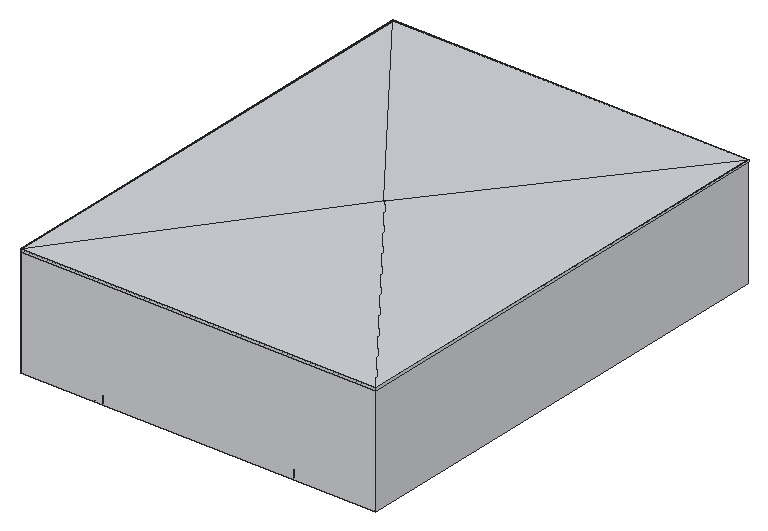
Revit family "GIV", category Mechanical Equipment, Revit 2015
Parameters
  URL = "https://unitedenertech.com/catalog/pdf/Sizing%20chart%20for%20Gev,Giv%20hoods.pdf"
  Type Comments = "Max. Size is 60\" x 120\". See Website for Submittal as URL Line contains Sizing Charts."
  Roof Width [instance] = C + 0' 0 31/256"  # 5' - 7 31/256"
  Roof Length [instance] = D + 0' 0 31/256"  # 7' - 4 31/256"
  Model = "GIV"
  Manufacturer = "United Enertech Corporation"
  Keynote = "Select Throat Size as Required and See Charts Linked to the URL Line Below to Fill in Appropriate C, D, and E Values for the Ratio Required."
  E = 1' - 9"
  Description = "Gravity Intake Ventilator Hood"
  D = 7' - 4"
  C = 5' - 7"
  B = 4' - 0"
  Angle Length [instance] = D - 0' 0 31/256"  # 7' - 3 225/256"
  A = 3' - 0"
Reference planes (in)
  plane 1 "Center (Front/Back)": y = 0
  plane 2: z = 0
  plane 3 "Center (Left/Right)": x = 0
  plane 4: y = 24
  plane 5: y = -24
  plane 6: x = -18
  plane 7: x = 18
  plane 8: x = -33.5
  plane 9: x = 33.5
  plane 10: y = -44
  plane 11: y = 44
  plane 12: z = 8
  plane 13: z = 29
  plane 14: z = 8.0598
  plane 15: z = 8.1196
  plane 16: z = 8.1794
  plane 17: x = -33.4402
  plane 18: y = 43.9402
  plane 19: x = 33.4402
  plane 20: y = -43.9402
Forms (in)
  Extrusion 1, solid, material "Steel, Galvanized"
    sketch origin (0, 0, 0) x (1, 0, 0) y (0, 1, 0)
      loop
        line (-18, 24) -> (-18, -24) -> (18, -24) -> (18, 24) -> (-18, 24)
      loop
        line (-33.4402, 43.9402) -> (-33.4402, -43.9402) -> (33.4402, -43.9402) -> (33.4402, 43.9402) -> (-33.4402, 43.9402)
    from 8.1196 to 8.1794
Dimensions and locks (in)
  equal spacing: plane 6, plane 3 "Center (Left/Right)", plane 7
  "A": plane 6 to plane 7
  equal spacing: plane 4, plane 1 "Center (Front/Back)", plane 5
  "B": plane 4 to plane 5
  equal spacing: plane 8, plane 3 "Center (Left/Right)", plane 9
  "C": plane 8 to plane 9
  equal spacing: plane 11, plane 1 "Center (Front/Back)", plane 10
  "D": plane 11 to plane 10
  locked: plane 12 to level at 8
  "E": plane 13 to plane 12
  locked: plane 14 to plane 12 at 0.0598
  locked: plane 15 to plane 14 at 0.0598
  locked: plane 16 to plane 15 at 0.0598
  locked: plane 8 to plane 17 at 0.0598
  locked: plane 19 to plane 9 at 0.0598
  locked: plane 11 to plane 18 at 0.0598
  locked: plane 10 to plane 20 at 0.0598
  aligned and locked: level to plane 2
  aligned and locked: plane 3 "Center (Left/Right)" to nested 1
  aligned and locked: nested 2 to plane 3 "Center (Left/Right)"
  aligned and locked: plane 1 "Center (Front/Back)" to nested 3
  aligned and locked: nested 2 to plane 5
  aligned and locked: nested 1 to plane 4
  aligned and locked: nested 3 to plane 7
  aligned and locked: nested 4 to plane 1 "Center (Front/Back)"
  aligned and locked: nested 4 to plane 6
  aligned and locked: level to nested 4
  aligned and locked: nested 3 to level
  aligned and locked: level to nested 2
  aligned and locked: nested 1 to level
  aligned and locked: plane 1 "Center (Front/Back)" to nested 5
  aligned and locked: plane 3 "Center (Left/Right)" to nested 6
  aligned and locked: nested 6 to plane 12
  aligned and locked: nested 6 to plane 11
  aligned and locked: plane 6 to nested 5
  aligned and locked: nested 8 to plane 1 "Center (Front/Back)"
  aligned and locked: nested 8 to plane 7
  aligned and locked: nested 5 to plane 16
  aligned and locked: plane 16 to nested 8
  aligned and locked: nested 9 to plane 3 "Center (Left/Right)"
  aligned and locked: plane 12 to nested 9
  aligned and locked: nested 9 to plane 10
  aligned and locked: plane 1 "Center (Front/Back)" to nested 7
  aligned and locked: nested 7 to plane 12
  aligned and locked: nested 7 to plane 9
  aligned and locked: plane 12 to nested 10
  aligned and locked: nested 10 to plane 8
  aligned and locked: Extrusion 1 sketch curve to plane 18
  aligned and locked: Extrusion 1 sketch curve to plane 17
  aligned and locked: Extrusion 1 sketch curve to plane 19
  aligned and locked: Extrusion 1 sketch curve to plane 20
  aligned and locked: plane 5 to Extrusion 1 sketch curve
  aligned and locked: Extrusion 1 sketch curve to plane 4
  aligned and locked: plane 6 to Extrusion 1 sketch curve
  aligned and locked: Extrusion 1 sketch curve to plane 7
  aligned and locked: plane 16 to Extrusion 1
  aligned and locked: Extrusion 1 to plane 15
  aligned and locked: plane 1 "Center (Front/Back)" to nested 11
  aligned and locked: plane 3 "Center (Left/Right)" to nested 11
  aligned and locked: nested 11 to plane 13
Nested families (in)
  nested 1: "Base Side 1" at (0, 26.375, 0), type "Base Side 1"
    with Length 3' - 0"
  nested 2: "Base Side 1" at (0, -26.375, 0), type "Base Side 1"
    with Length 3' - 0"
  nested 3: "Base Side 2" at (20.375, 0, 0) x (0, -1, 0) z (0, 0, 1), type "Base Side 2"
  nested 4: "Base Side 2" at (-20.375, 0, 0) x (0, -1, 0) z (0, 0, 1), type "Base Side 2"
  nested 5: "Angles" at (-18, 0, 8.1794), type "Angles"
    with Length 7' - 3 225/256"
  nested 6: "Hood Side 1" at (0, 44, 8), type "Hood Side 1"
    with Length 5' - 7", E 1' - 9"
  nested 7: "Hood Side 2" at (33.5, 0, 8) x (0, -1, 0) z (0, 0, 1), type "Hood Side 2"
    with Length 7' - 4", E 1' - 9"
  nested 8: "Angles" at (18, 0, 8.1794) x (-1, 0, 0) z (0, 0, 1), type "Angles"
    with Length 7' - 3 225/256"
  nested 9: "Hood Side 1" at (0, -44, 8), type "Hood Side 1"
    with Length 5' - 7", E 1' - 9"
  nested 10: "Hood Side 2" at (-33.5, 0, 8) x (0, -1, 0) z (0, 0, 1), type "Hood Side 2"
    with Length 7' - 4", E 1' - 9"
  nested 11: "Roof" at (0, 0, 29), type "Roof"
    with Width 5' - 7 31/256", Length 7' - 4 31/256"
Definition of nested family "Base Side 1"
  Parameters (values of type "Base Side 1")
    Length = 4' - 0"
  Reference planes (in)
    plane 1 "Center (Front/Back)": y = 0
    plane 2: z = 0
    plane 3 "Center (Left/Right)": x = 0
    plane 4: z = 2
    plane 5: z = 1.8954
    plane 6: y = -0.1046
    plane 7: z = 8
    plane 8: y = -2.375
    plane 9: y = -2.2704
    plane 10: x = -24
    plane 11: x = 24
    plane 12: x = -26.375
    plane 13: x = 26.375
  Forms (in)
    Extrusion 1, solid
      sketch origin (0, 0, 0) x (0, 1, 0) y (0, 0, 1)
        loop
          line (0, 0) -> (0, 2) -> (-2.2704, 2) -> (-2.2704, 8) -> (-2.375, 8) -> (-2.375, 1.8954) -> (-0.1046, 1.8954) -> (-0.1046, 0) -> (0, 0)
      from -26.375 to 26.375
    Extrusion 2, void
      sketch origin (10.16611, 2.94569, 0) x (1, 0, 0) y (0, 1, 0)
        loop
          line (-49.16611, -5.32069) -> (-34.16611, -5.32069) -> (-49.16611, 9.67931) -> (-49.16611, -5.32069)
      from 0 to 12
    Extrusion 3, void
      sketch origin (-10.16611, 2.94569, 0) x (-1, 0, 0) y (0, -1, 0)
        loop
          line (-49.16611, 5.32069) -> (-49.16611, -9.67931) -> (-34.16611, 5.32069) -> (-49.16611, 5.32069)
      from 0 to 12
  Cuts and joins
    Extrusion 2, Extrusion 3 cuts Extrusion 1
  Dimensions and locks (in)
    locked: plane 4 to level at 2
    locked: plane 4 to plane 5 at 0.1046
    locked: plane 1 "Center (Front/Back)" to plane 6 at 0.1046
    locked: plane 7 to plane 4 at 6
    locked: plane 9 to plane 8 at 0.1046
    locked: plane 1 "Center (Front/Back)" to plane 8 at 2.375
    equal spacing: plane 10, plane 3 "Center (Left/Right)", plane 11
    "Length": plane 10 to plane 11
    locked: plane 12 to plane 10 at 2.375
    locked: plane 11 to plane 13 at 2.375
    aligned and locked: level to plane 2
    aligned and locked: Extrusion 1 sketch curve to plane 7
    aligned and locked: plane 9 to Extrusion 1 sketch curve
    aligned and locked: Extrusion 1 sketch curve to plane 8
    aligned and locked: plane 5 to Extrusion 1 sketch curve
    aligned and locked: Extrusion 1 sketch curve to plane 4
    aligned and locked: level to Extrusion 1 sketch curve
    aligned and locked: plane 6 to Extrusion 1 sketch curve
    aligned and locked: plane 1 "Center (Front/Back)" to Extrusion 1 sketch curve
    aligned and locked: plane 12 to Extrusion 1
    aligned and locked: plane 13 to Extrusion 1
  Automatic sketch dimensions
    plane 8 to Extrusion 2 sketch curve = 0' - 0"
    Extrusion 2 sketch curve to plane 10 = 0' - 0"
    plane 12 to Extrusion 2 sketch curve = 1' - 0 5/8"
    Extrusion 2 sketch curve to plane 1 "Center (Front/Back)" = 1' - 0 5/8"
    plane 8 to Extrusion 3 sketch curve = 0' - 0"
    Extrusion 3 sketch curve to plane 11 = 0' - 0"
    Extrusion 3 sketch curve to plane 13 = 1' - 0 5/8"
    plane 1 "Center (Front/Back)" to Extrusion 3 sketch curve = 1' - 0 5/8"
Definition of nested family "Base Side 2"
  Parameters (values of type "Base Side 2")
    Length = 4' - 0"
  Reference planes (in)
    plane 1 "Center (Front/Back)": y = 0
    plane 2: z = 0
    plane 3 "Center (Left/Right)": x = 0
    plane 4: z = 2
    plane 5: z = 1.8954
    plane 6: y = -0.1046
    plane 7: z = 8
    plane 8: y = -2.375
    plane 9: y = -2.2704
    plane 10: x = -24
    plane 11: x = 24
    plane 12: x = -26.375
    plane 13: x = 26.375
  Forms (in)
    Extrusion 1, solid
      sketch origin (0, 0, 0) x (0, 1, 0) y (0, 0, 1)
        loop
          line (0, 0) -> (0, 2) -> (-2.2704, 2) -> (-2.2704, 8) -> (-2.375, 8) -> (-2.375, 1.8954) -> (-0.1046, 1.8954) -> (-0.1046, 0) -> (0, 0)
      from -26.375 to 26.375
    Extrusion 2, void
      sketch origin (10.16611, 2.94569, 0) x (1, 0, 0) y (0, 1, 0)
        loop
          line (-49.16611, -5.32069) -> (-34.16611, -5.32069) -> (-49.16611, 9.67931) -> (-49.16611, -5.32069)
      from 0 to 12
    Extrusion 3, void
      sketch origin (-10.16611, 2.94569, 0) x (-1, 0, 0) y (0, -1, 0)
        loop
          line (-49.16611, 5.32069) -> (-49.16611, -9.67931) -> (-34.16611, 5.32069) -> (-49.16611, 5.32069)
      from 0 to 12
  Cuts and joins
    Extrusion 2, Extrusion 3 cuts Extrusion 1
  Dimensions and locks (in)
    locked: plane 4 to level at 2
    locked: plane 4 to plane 5 at 0.1046
    locked: plane 1 "Center (Front/Back)" to plane 6 at 0.1046
    locked: plane 7 to plane 4 at 6
    locked: plane 9 to plane 8 at 0.1046
    locked: plane 1 "Center (Front/Back)" to plane 8 at 2.375
    equal spacing: plane 10, plane 3 "Center (Left/Right)", plane 11
    "Length": plane 10 to plane 11
    locked: plane 12 to plane 10 at 2.375
    locked: plane 11 to plane 13 at 2.375
    aligned and locked: level to plane 2
    aligned and locked: Extrusion 1 sketch curve to plane 7
    aligned and locked: plane 9 to Extrusion 1 sketch curve
    aligned and locked: Extrusion 1 sketch curve to plane 8
    aligned and locked: plane 5 to Extrusion 1 sketch curve
    aligned and locked: Extrusion 1 sketch curve to plane 4
    aligned and locked: level to Extrusion 1 sketch curve
    aligned and locked: plane 6 to Extrusion 1 sketch curve
    aligned and locked: plane 1 "Center (Front/Back)" to Extrusion 1 sketch curve
    aligned and locked: plane 12 to Extrusion 1
    aligned and locked: plane 13 to Extrusion 1
  Automatic sketch dimensions
    plane 8 to Extrusion 2 sketch curve = 0' - 0"
    Extrusion 2 sketch curve to plane 10 = 0' - 0"
    plane 12 to Extrusion 2 sketch curve = 1' - 0 5/8"
    Extrusion 2 sketch curve to plane 1 "Center (Front/Back)" = 1' - 0 5/8"
    plane 8 to Extrusion 3 sketch curve = 0' - 0"
    Extrusion 3 sketch curve to plane 11 = 0' - 0"
    Extrusion 3 sketch curve to plane 13 = 1' - 0 5/8"
    plane 1 "Center (Front/Back)" to Extrusion 3 sketch curve = 1' - 0 5/8"
Definition of nested family "Angles"
  Parameters (values of type "Angles")
    Length = 3' - 0"
  Reference planes (in)
    plane 1 "Center (Front/Back)": y = 0
    plane 2: z = 0
    plane 3 "Center (Left/Right)": x = 0
    plane 4: x = -1.5
    plane 5: z = 1.5
    plane 6: z = 0.125
    plane 7: x = -0.125
    plane 8: y = -18
    plane 9: y = 18
  Forms (in)
    Extrusion 1, solid
      sketch origin (0, 0, 0) x (1, 0, 0) y (0, 0, 1)
        loop
          line (-1.5, 0) -> (0, 0) -> (0, 1.5) -> (-0.125, 1.5) -> (-0.125, 0.125) -> (-1.5, 0.125) -> (-1.5, 0)
      from -18 to 18
  Dimensions and locks (in)
    locked: plane 5 to level at 1.5
    locked: plane 6 to level at 0.125
    locked: plane 4 to plane 3 "Center (Left/Right)" at 1.5
    locked: plane 3 "Center (Left/Right)" to plane 7 at 0.125
    equal spacing: plane 9, plane 1 "Center (Front/Back)", plane 8
    "Length": plane 9 to plane 8
    aligned and locked: level to plane 2
    aligned and locked: plane 3 "Center (Left/Right)" to Extrusion 1 sketch curve
    aligned and locked: plane 5 to Extrusion 1 sketch curve
    aligned and locked: Extrusion 1 sketch curve to plane 7
    aligned and locked: plane 6 to Extrusion 1 sketch curve
    aligned and locked: plane 4 to Extrusion 1 sketch curve
    aligned and locked: Extrusion 1 sketch curve to level
    aligned and locked: Extrusion 1 to plane 8
    aligned and locked: plane 9 to Extrusion 1
Definition of nested family "Hood Side 1"
  Parameters (values of type "Hood Side 1")
    Length = 2' - 0"
    E = 0' - 6"
  Reference planes (in)
    plane 1 "Center (Front/Back)": y = 0
    plane 2: z = 0
    plane 3 "Center (Left/Right)": x = 0
    plane 4: z = 6
    plane 5: y = -1
    plane 6: z = 3
    plane 7: y = -0.5
    plane 8: y = -0.0598
    plane 9: z = 0.0598
    plane 10: x = -12
    plane 11: x = 12
  Forms (in)
    Extrusion 1, solid
      sketch origin (0, 0, 0) x (0, 1, 0) y (0, 0, 1)
        loop
          line (0, 6) -> (-0.0598, 6) -> (-0.0598, 0.0598) -> (-1, 0.0598) -> (-1, 0) -> (0, 0) -> (0, 6)
      from -12 to 12
    Extrusion 2, void
      sketch origin (11.42344, 0, 0) x (1, 0, 0) y (0, 1, 0)
        loop
          line (-23.42344, 0) -> (-23.42344, -4.75) -> (-18.67344, -4.75) -> (-23.42344, 0)
      from -2.75471 to 135.97649
    Extrusion 3, void
      sketch origin (-11.42344, 0, 0) x (-1, 0, 0) y (0, -1, 0)
        loop
          line (-23.42344, 0) -> (-18.67344, 4.75) -> (-23.42344, 4.75) -> (-23.42344, 0)
      from -2.75471 to 135.97649
  Cuts and joins
    Extrusion 2, Extrusion 3 cuts Extrusion 1
  Dimensions and locks (in)
    "E": plane 4 to level
    locked: plane 1 "Center (Front/Back)" to plane 5 at 1
    equal spacing: plane 4, plane 6, level
    equal spacing: plane 1 "Center (Front/Back)", plane 7, plane 5
    locked: plane 1 "Center (Front/Back)" to plane 8 at 0.0598
    locked: plane 9 to level at 0.0598
    equal spacing: plane 10, plane 3 "Center (Left/Right)", plane 11
    "Length": plane 10 to plane 11
    aligned and locked: level to plane 2
    aligned and locked: Extrusion 1 sketch curve to plane 5
    aligned and locked: Extrusion 1 sketch curve to level
    aligned and locked: Extrusion 1 sketch curve to plane 9
    aligned and locked: plane 8 to Extrusion 1 sketch curve
    aligned and locked: Extrusion 1 sketch curve to plane 1 "Center (Front/Back)"
    aligned and locked: plane 4 to Extrusion 1 sketch curve
    aligned and locked: Extrusion 1 to plane 10
    aligned and locked: plane 11 to Extrusion 1
    aligned and locked: Extrusion 2 to plane 10
    aligned and locked: Extrusion 3 sketch curve to plane 11
  Automatic sketch dimensions
    Extrusion 2 sketch curve to plane 10 = 0' - 0"
    plane 1 "Center (Front/Back)" to Extrusion 2 sketch curve = 0' - 0"
    Extrusion 2 sketch curve to Extrusion 2 sketch curve = 0' - 4 3/4"
    Extrusion 2 sketch curve to plane 5 = 0' - 3 3/4"
    plane 1 "Center (Front/Back)" to Extrusion 3 sketch curve = 0' - 0"
    Extrusion 3 sketch curve to Extrusion 3 sketch curve = 0' - 4 3/4"
    plane 5 to Extrusion 3 sketch curve = 0' - 3 3/4"
Definition of nested family "Hood Side 2"
  Parameters (values of type "Hood Side 2")
    Length = 2' - 0"
    E = 0' - 6"
  Reference planes (in)
    plane 1 "Center (Front/Back)": y = 0
    plane 2: z = 0
    plane 3 "Center (Left/Right)": x = 0
    plane 4: z = 6
    plane 5: y = -1
    plane 6: z = 3
    plane 7: y = -0.5
    plane 8: y = -0.0598
    plane 9: z = 0.0598
    plane 10: x = -12
    plane 11: x = 12
  Forms (in)
    Extrusion 1, solid
      sketch origin (0, 0, 0) x (0, 1, 0) y (0, 0, 1)
        loop
          line (0, 6) -> (-0.0598, 6) -> (-0.0598, 0.0598) -> (-1, 0.0598) -> (-1, 0) -> (0, 0) -> (0, 6)
      from -12 to 12
    Extrusion 2, void
      sketch origin (11.42344, 0, 0) x (1, 0, 0) y (0, 1, 0)
        loop
          line (-23.42344, 0) -> (-23.42344, -4.75) -> (-18.67344, -4.75) -> (-23.42344, 0)
      from -2.75471 to 135.97649
    Extrusion 3, void
      sketch origin (-11.42344, 0, 0) x (-1, 0, 0) y (0, -1, 0)
        loop
          line (-23.42344, 0) -> (-18.67344, 4.75) -> (-23.42344, 4.75) -> (-23.42344, 0)
      from -2.75471 to 135.97649
  Cuts and joins
    Extrusion 2, Extrusion 3 cuts Extrusion 1
  Dimensions and locks (in)
    "E": plane 4 to level
    locked: plane 1 "Center (Front/Back)" to plane 5 at 1
    equal spacing: plane 4, plane 6, level
    equal spacing: plane 1 "Center (Front/Back)", plane 7, plane 5
    locked: plane 1 "Center (Front/Back)" to plane 8 at 0.0598
    locked: plane 9 to level at 0.0598
    equal spacing: plane 10, plane 3 "Center (Left/Right)", plane 11
    "Length": plane 10 to plane 11
    aligned and locked: level to plane 2
    aligned and locked: Extrusion 1 sketch curve to plane 5
    aligned and locked: Extrusion 1 sketch curve to level
    aligned and locked: Extrusion 1 sketch curve to plane 9
    aligned and locked: plane 8 to Extrusion 1 sketch curve
    aligned and locked: Extrusion 1 sketch curve to plane 1 "Center (Front/Back)"
    aligned and locked: plane 4 to Extrusion 1 sketch curve
    aligned and locked: Extrusion 1 to plane 10
    aligned and locked: plane 11 to Extrusion 1
    aligned and locked: Extrusion 2 to plane 10
    aligned and locked: Extrusion 3 sketch curve to plane 11
  Automatic sketch dimensions
    Extrusion 2 sketch curve to plane 10 = 0' - 0"
    plane 1 "Center (Front/Back)" to Extrusion 2 sketch curve = 0' - 0"
    Extrusion 2 sketch curve to Extrusion 2 sketch curve = 0' - 4 3/4"
    Extrusion 2 sketch curve to plane 5 = 0' - 3 3/4"
    plane 1 "Center (Front/Back)" to Extrusion 3 sketch curve = 0' - 0"
    Extrusion 3 sketch curve to Extrusion 3 sketch curve = 0' - 4 3/4"
    plane 5 to Extrusion 3 sketch curve = 0' - 3 3/4"
Definition of nested family "Roof"
  Parameters (values of type "Roof")
    Width = 3' - 0"
    Length = 3' - 0"
  Reference planes (in)
    plane 1 "Center (Front/Back)": y = 0
    plane 2: z = 0
    plane 3 "Center (Left/Right)": x = 0
    plane 4: x = -18
    plane 5: y = 18
    plane 6: y = -18
    plane 7: x = 18
    plane 8: z = 0.5
    plane 9: x = -0.125
    plane 10: y = 0.125
    plane 11: x = 0.125
    plane 12: y = -0.125
    plane 13: x = -17.9402
    plane 14: y = 17.9402
    plane 15: x = 17.9402
    plane 16: y = -17.9402
    plane 17: z = -0.5
  Forms (in)
    Blend 1, solid
      base sketch origin (0, 0, 0) x (1, 0, 0) y (0, 1, 0)
        loop
          line (-18, -18) -> (18, -18) -> (18, 18) -> (-18, 18) -> (-18, -18)
      top sketch origin (0, 0, 0) x (1, 0, 0) y (0, 1, 0)
        loop
          line (-0.125, -0.125) -> (0.125, -0.125) -> (0.125, 0.125) -> (-0.125, 0.125) -> (-0.125, -0.125)
      from 0 to 0.5
    Extrusion 2, solid
      sketch origin (0, 0, 0) x (1, 0, 0) y (0, 1, 0)
        loop
          line (-18, 18) -> (-18, -18) -> (18, -18) -> (18, 18) -> (-18, 18)
        loop
          line (-17.9402, 17.9402) -> (-17.9402, -17.9402) -> (17.9402, -17.9402) -> (17.9402, 17.9402) -> (-17.9402, 17.9402)
      from 0 to -0.5
  Dimensions and locks (in)
    equal spacing: plane 4, plane 3 "Center (Left/Right)", plane 7
    "Width": plane 4 to plane 7
    equal spacing: plane 5, plane 1 "Center (Front/Back)", plane 6
    "Length": plane 5 to plane 6
    locked: plane 8 to level at 0.5
    equal spacing: plane 12, plane 1 "Center (Front/Back)", plane 10
    locked: plane 12 to plane 10 at 0.25
    equal spacing: plane 9, plane 3 "Center (Left/Right)", plane 11
    locked: plane 9 to plane 11 at 0.25
    locked: plane 5 to plane 14 at 0.0598
    locked: plane 4 to plane 13 at 0.0598
    locked: plane 16 to plane 6 at 0.0598
    locked: plane 15 to plane 7 at 0.0598
    locked: level to plane 17 at 0.5
    aligned and locked: level to plane 2
    aligned and locked: plane 5 to Blend 1 sketch curve
    aligned and locked: plane 4 to Blend 1 sketch curve
    aligned and locked: plane 7 to Blend 1 sketch curve
    aligned and locked: plane 10 to Blend 1 sketch curve
    aligned and locked: Blend 1 sketch curve to plane 11
    aligned and locked: plane 12 to Blend 1 sketch curve
    aligned and locked: Blend 1 sketch curve to plane 9
    aligned and locked: Blend 1 to level
    aligned and locked: plane 8 to Blend 1
    aligned and locked: Extrusion 2 sketch curve to plane 5
    aligned and locked: Extrusion 2 sketch curve to plane 14
    aligned and locked: Extrusion 2 sketch curve to plane 4
    aligned and locked: plane 13 to Extrusion 2 sketch curve
    aligned and locked: plane 6 to Extrusion 2 sketch curve
    aligned and locked: Extrusion 2 sketch curve to plane 16
    aligned and locked: plane 15 to Extrusion 2 sketch curve
    aligned and locked: Extrusion 2 sketch curve to plane 7
    aligned and locked: level to Extrusion 2
    aligned and locked: Extrusion 2 to plane 17
  Automatic sketch dimensions
    plane 16 to Blend 1 sketch curve = 0' - 0.0598"
